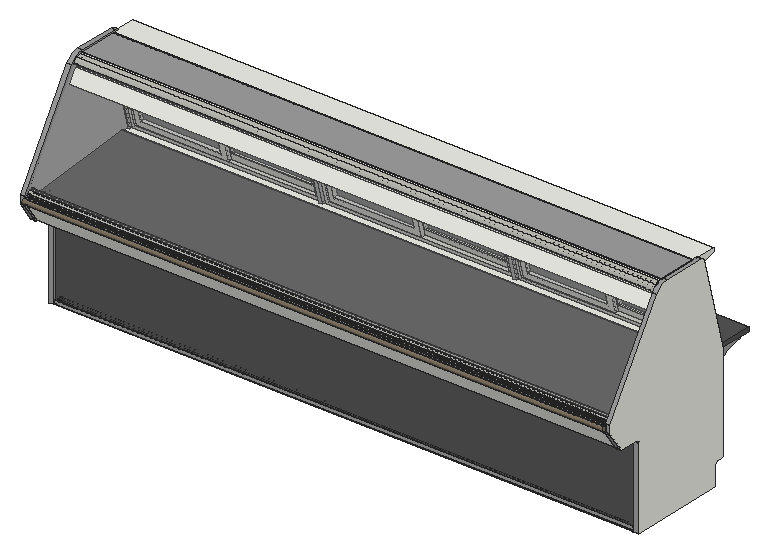
Revit family "R1-MN_2014", category Specialty Equipment, Revit 2014 (continued)
Automatic sketch dimensions
  Extrusion 11 sketch curve to Extrusion 11 sketch curve = 0.18969"
  Extrusion 11 sketch curve to plane 10 = 0.26416"
  Extrusion 11 sketch curve to Extrusion 11 sketch curve = 0.71529"
  Extrusion 11 sketch curve to Extrusion 11 sketch curve = 0.57607"
  Extrusion 11 sketch curve to Extrusion 11 sketch curve = 0.67535"
  Extrusion 11 sketch curve to Extrusion 11 sketch curve = 0.04022"
  Extrusion 11 sketch curve to plane 10 = 1.78707"
  Extrusion 11 sketch curve to Extrusion 11 sketch curve = 0.95494"
  Extrusion 11 sketch curve to Extrusion 11 sketch curve = 0.25007"
  Extrusion 11 sketch curve to Extrusion 11 sketch curve = 0.07964"
  Extrusion 11 sketch curve to Extrusion 11 sketch curve = 0.02055"
  Extrusion 11 sketch curve to Extrusion 11 sketch curve = 0.02705"
  Extrusion 11 sketch curve to Extrusion 11 sketch curve = 0.01949"
  Extrusion 11 sketch curve to Extrusion 11 sketch curve = 0.35525"
  Extrusion 11 sketch curve to Extrusion 11 sketch curve = 0"  (x3)
  Extrusion 11 sketch curve to Extrusion 11 sketch curve = 0.10689"
  Extrusion 11 sketch curve to Extrusion 11 sketch curve = 0.04721"
  Extrusion 11 sketch curve to Extrusion 11 sketch curve = 0.01501"
  Extrusion 11 sketch curve to Extrusion 11 sketch curve = 0.03552"
  Extrusion 11 sketch curve to Extrusion 11 sketch curve = 0.00651"
  Extrusion 11 sketch curve to Extrusion 11 sketch curve = 0.00201"
  Extrusion 11 sketch curve to Extrusion 11 sketch curve = 0.02918"
  Extrusion 11 sketch curve to Extrusion 11 sketch curve = 1.00154"
  Extrusion 11 sketch curve to Extrusion 11 sketch curve = 0.44712"
  Extrusion 11 sketch curve to Extrusion 11 sketch curve = 0.46731"
  Extrusion 11 sketch curve to plane 10 = 0.15722"
  Extrusion 11 sketch curve to plane 10 = 0.39364"
  Extrusion 12 sketch curve to Extrusion 12 sketch curve = 0"  (x4)
  plane 4 "Front" to Extrusion 12 sketch curve = 3.86266"
  Extrusion 12 sketch curve to Extrusion 12 sketch curve = 0.01762"  (x2)
  Extrusion 12 sketch curve to Extrusion 12 sketch curve = 0.00881"
  Extrusion 12 sketch curve to Extrusion 12 sketch curve = 0.00993"
  Extrusion 12 sketch curve to plane 9 = 2.64563"
  Extrusion 12 sketch curve to Extrusion 12 sketch curve = 0.01986"
  Extrusion 12 sketch curve to Extrusion 12 sketch curve = 0.32399"
  Extrusion 12 sketch curve to plane 9 = 2.89281"
  Extrusion 12 sketch curve to Extrusion 12 sketch curve = 0.09889"
  Extrusion 12 sketch curve to Extrusion 12 sketch curve = 0.02885"
  Extrusion 12 sketch curve to Extrusion 12 sketch curve = 0.00804"
  Extrusion 12 sketch curve to Extrusion 12 sketch curve = 0.01418"
  Extrusion 12 sketch curve to plane 9 = 0.42573"
  plane 1 "Back" to Extrusion 12 sketch curve = 4.65057"
  Extrusion 12 sketch curve to plane 9 = 0.46057"
  Extrusion 12 sketch curve to Extrusion 12 sketch curve = 0.00331"
  Extrusion 12 sketch curve to Extrusion 12 sketch curve = 0.00283"
  Extrusion 12 sketch curve to plane 9 = 0.48039"
  Extrusion 12 sketch curve to Extrusion 12 sketch curve = 0.02827"
  Extrusion 12 sketch curve to plane 9 = 0.46866"
  Extrusion 12 sketch curve to plane 9 = 0.69391"
  Extrusion 12 sketch curve to Extrusion 12 sketch curve = 0.07593"
  Extrusion 12 sketch curve to Extrusion 12 sketch curve = 0.00669"
  Extrusion 12 sketch curve to Extrusion 12 sketch curve = 0.03024"
  Extrusion 12 sketch curve to Extrusion 12 sketch curve = 0.0309"
  Extrusion 12 sketch curve to Extrusion 12 sketch curve = 0.02262"
  Extrusion 13 sketch curve to level = 0"
  plane 4 "Front" to Extrusion 13 sketch curve = 0.81814"
  Extrusion 13 sketch curve to Extrusion 13 sketch curve = 0.04483"
  Extrusion 13 sketch curve to Extrusion 13 sketch curve = 1/4"
  plane 4 "Front" to Extrusion 13 sketch curve = 4.15323"
  Extrusion 13 sketch curve to Extrusion 13 sketch curve = 0.41034"
  Extrusion 13 sketch curve to Extrusion 13 sketch curve = 4.46333"
  plane 4 "Front" to Extrusion 13 sketch curve = 9.72691"
  Extrusion 13 sketch curve to plane 10 = 1.59713"
  plane 4 "Front" to Extrusion 13 sketch curve = 15.36761"
  Extrusion 13 sketch curve to Extrusion 13 sketch curve = 3.37411"
  Extrusion 13 sketch curve to plane 10 = 0.44548"
  plane 1 "Back" to Extrusion 13 sketch curve = 6.22235"
  Extrusion 13 sketch curve to plane 10 = 0.26693"
  Extrusion 13 sketch curve to Extrusion 13 sketch curve = 0.67685"
  plane 1 "Back" to Extrusion 13 sketch curve = 1 127/128"
  Extrusion 13 sketch curve to Extrusion 13 sketch curve = 0.7"
  plane 1 "Back" to Extrusion 13 sketch curve = 0.30473"  (x2)
  Extrusion 13 sketch curve to plane 1 "Back" = 0.37212"
  Extrusion 13 sketch curve to Extrusion 13 sketch curve = 0.02315"
  level to Extrusion 13 sketch curve = 4.74571"
  Extrusion 13 sketch curve to plane 9 = 9.87957"
  Extrusion 13 sketch curve to Extrusion 13 sketch curve = 0.21431"
  Extrusion 13 sketch curve to plane 9 = 4.23932"
  Extrusion 13 sketch curve to Extrusion 13 sketch curve = 1.89855"
  Extrusion 13 sketch curve to plane 9 = 0.62918"
  Extrusion 14 sketch curve to level = 0"
  plane 4 "Front" to Extrusion 14 sketch curve = 0.81814"
  Extrusion 14 sketch curve to Extrusion 14 sketch curve = 0.04483"
  Extrusion 14 sketch curve to Extrusion 14 sketch curve = 1/4"
  plane 4 "Front" to Extrusion 14 sketch curve = 4.15323"
  Extrusion 14 sketch curve to Extrusion 14 sketch curve = 0.41034"
  Extrusion 14 sketch curve to Extrusion 14 sketch curve = 4.46333"
  plane 4 "Front" to Extrusion 14 sketch curve = 9.72691"
  Extrusion 14 sketch curve to plane 10 = 1.59713"
  plane 4 "Front" to Extrusion 14 sketch curve = 15.36761"
  Extrusion 14 sketch curve to Extrusion 14 sketch curve = 3.37411"
  Extrusion 14 sketch curve to plane 10 = 0.44548"
  plane 1 "Back" to Extrusion 14 sketch curve = 6.22235"
  Extrusion 14 sketch curve to plane 10 = 0.26693"
  Extrusion 14 sketch curve to Extrusion 14 sketch curve = 0.67685"
  plane 1 "Back" to Extrusion 14 sketch curve = 1 127/128"
  Extrusion 14 sketch curve to Extrusion 14 sketch curve = 0.7"
  plane 1 "Back" to Extrusion 14 sketch curve = 0.30473"  (x2)
  Extrusion 14 sketch curve to plane 1 "Back" = 0.37212"
  Extrusion 14 sketch curve to Extrusion 14 sketch curve = 0.02315"
  Extrusion 14 sketch curve to plane 9 = 0.45064"
  Extrusion 14 sketch curve to plane 9 = 2.19792"
  Extrusion 14 sketch curve to Extrusion 14 sketch curve = 1.89855"
  Extrusion 14 sketch curve to Extrusion 14 sketch curve = 4.5831"
  Extrusion 14 sketch curve to Extrusion 14 sketch curve = 0.28569"
  level to Extrusion 14 sketch curve = 6.14571"
  Extrusion 15 sketch curve to plane 10 = 0.017"  (x2)
  plane 1 "Back" to Extrusion 15 sketch curve = 17.12875"
  Extrusion 15 sketch curve to Extrusion 15 sketch curve = 0.093"
  plane 1 "Back" to Extrusion 15 sketch curve = 7.37559"
  Extrusion 15 sketch curve to Extrusion 15 sketch curve = 0.33174"
  Extrusion 16 sketch curve to Extrusion 16 sketch curve = 2.74488"
  Extrusion 17 sketch curve to Extrusion 17 sketch curve = 2.74488"
  Extrusion 18 sketch curve to Extrusion 18 sketch curve = 2.74488"
  Extrusion 19 sketch curve to Extrusion 19 sketch curve = 2.74488"
  Extrusion 19 sketch curve to Extrusion 19 sketch curve = 2.78752"
  Extrusion 19 sketch curve to Extrusion 19 sketch curve = 2.74469"
  Extrusion 19 sketch curve to Extrusion 19 sketch curve = 20.64718"
  Extrusion 18 sketch curve to Extrusion 18 sketch curve = 2.78752"
  Extrusion 18 sketch curve to Extrusion 18 sketch curve = 2.74469"
  Extrusion 18 sketch curve to Extrusion 18 sketch curve = 20.64718"
  Extrusion 17 sketch curve to Extrusion 17 sketch curve = 2.78752"
  Extrusion 17 sketch curve to Extrusion 17 sketch curve = 2.74469"
  Extrusion 17 sketch curve to Extrusion 17 sketch curve = 20.64718"
  Extrusion 16 sketch curve to Extrusion 16 sketch curve = 2.78752"
  Extrusion 16 sketch curve to Extrusion 16 sketch curve = 2.74469"
  Extrusion 16 sketch curve to Extrusion 16 sketch curve = 20.64718"
  Extrusion 20 sketch curve to Extrusion 20 sketch curve = 2.74488"
  Extrusion 20 sketch curve to Extrusion 20 sketch curve = 2.78752"
  Extrusion 20 sketch curve to Extrusion 20 sketch curve = 2.74469"
  Extrusion 20 sketch curve to Extrusion 20 sketch curve = 20.64718"
  Extrusion 21 sketch curve to Extrusion 21 sketch curve = 2.74488"
  Extrusion 21 sketch curve to Extrusion 21 sketch curve = 2.78752"
  Extrusion 21 sketch curve to Extrusion 21 sketch curve = 2.74469"
  Extrusion 21 sketch curve to Extrusion 21 sketch curve = 20.64718"
  Extrusion 22 sketch curve to Extrusion 22 sketch curve = 2.74488"
  Extrusion 22 sketch curve to Extrusion 22 sketch curve = 2.78752"
  Extrusion 22 sketch curve to Extrusion 22 sketch curve = 2.74469"
  Extrusion 22 sketch curve to Extrusion 22 sketch curve = 20.64718"
  Extrusion 23 sketch curve to Extrusion 23 sketch curve = 2.74488"
  Extrusion 23 sketch curve to Extrusion 23 sketch curve = 2.78752"
  Extrusion 23 sketch curve to Extrusion 23 sketch curve = 2.74469"
  Extrusion 23 sketch curve to Extrusion 23 sketch curve = 20.64718"
  Extrusion 24 sketch curve to Extrusion 24 sketch curve = 2.74488"
  Extrusion 24 sketch curve to Extrusion 24 sketch curve = 2.78752"
  Extrusion 24 sketch curve to Extrusion 24 sketch curve = 2.74469"
  Extrusion 24 sketch curve to Extrusion 24 sketch curve = 20.64718"
  Extrusion 25 sketch curve to Extrusion 25 sketch curve = 2.74488"
  Extrusion 25 sketch curve to Extrusion 25 sketch curve = 2.78752"
  Extrusion 25 sketch curve to Extrusion 25 sketch curve = 2.74469"
  Extrusion 25 sketch curve to Extrusion 25 sketch curve = 20.64718"
  Extrusion 26 sketch curve to Extrusion 26 sketch curve = 2.74488"
  Extrusion 26 sketch curve to Extrusion 26 sketch curve = 2.78752"
  Extrusion 26 sketch curve to Extrusion 26 sketch curve = 2.74469"
  Extrusion 26 sketch curve to Extrusion 26 sketch curve = 20.64718"
  Extrusion 27 sketch curve to Extrusion 27 sketch curve = 2.74488"
  Extrusion 27 sketch curve to Extrusion 27 sketch curve = 2.78752"
  Extrusion 27 sketch curve to Extrusion 27 sketch curve = 2.74469"
  Extrusion 27 sketch curve to Extrusion 27 sketch curve = 20.64718"
  Extrusion 28 sketch curve to Extrusion 28 sketch curve = 2.74488"
  Extrusion 28 sketch curve to Extrusion 28 sketch curve = 2.78752"
  Extrusion 28 sketch curve to Extrusion 28 sketch curve = 2.74469"
  Extrusion 28 sketch curve to Extrusion 28 sketch curve = 20.64718"
  Extrusion 29 sketch curve to Extrusion 29 sketch curve = 2.74488"
  Extrusion 29 sketch curve to Extrusion 29 sketch curve = 2.78752"
  Extrusion 29 sketch curve to Extrusion 29 sketch curve = 2.74469"
  Extrusion 29 sketch curve to Extrusion 29 sketch curve = 20.64718"
  Extrusion 30 sketch curve to Extrusion 30 sketch curve = 2.74488"
  Extrusion 30 sketch curve to Extrusion 30 sketch curve = 2.78752"
  Extrusion 30 sketch curve to Extrusion 30 sketch curve = 2.74469"
  Extrusion 30 sketch curve to Extrusion 30 sketch curve = 20.64718"
  Extrusion 31 sketch curve to Extrusion 31 sketch curve = 2.74488"
  Extrusion 31 sketch curve to Extrusion 31 sketch curve = 2.78752"
  Extrusion 31 sketch curve to Extrusion 31 sketch curve = 2.74469"
  Extrusion 31 sketch curve to Extrusion 31 sketch curve = 20.64718"
  Extrusion 1 sketch curve to Extrusion 1 sketch curve = 0"
  Extrusion 2 sketch curve to Extrusion 2 sketch curve = 0"
  Extrusion 3 sketch curve to Extrusion 3 sketch curve = 0"  (x3)
Nested families (in)
  nested 1: "Floor Support - Three Holes" at (-75.30699, -13.45706, 0.816), type "Floor Support - Three Holes"
    with Length 22 1/4"
  nested 2: "Floor Support - Three Holes" at (64.69301, -13.45706, 0.816), type "Floor Support - Three Holes"
    with Length 22 1/4"
  nested 3: "Shelf - Service Door" at (-77.30699, -0.27239, 30), type "Shelf - Service Door"
  nested 4: "Light" at (-5.30699, 1.00439, -5.29688), type "Light"
    with Length 144"
  nested 5: "Light" at (-5.30699, -10.56242, -4.48067), type "Light"
    with Length 144"
  nested 6: "Floor Support - Three Holes" at (-28.64032, -13.45706, 0.816), type "Floor Support - Three Holes"
    with Length 22 1/4"
  nested 7: "Floor Support - Three Holes" at (18.02635, -13.45706, 0.816), type "Floor Support - Three Holes"
    with Length 22 1/4"
  nested 8: "Service Doors - 105deg - 48" at (-77.30699, -25.04319, 4.28953), visible <- "12 Case", type "Service Doors - 105deg - 48"
  nested 9: "Service Doors - 105deg - 48" at (-29.30699, -25.04319, 4.28953), visible <- "12 Case", type "Service Doors - 105deg - 48"
  nested 10: "Service Doors - 105deg - 48" at (18.69301, -25.04319, 4.28953), visible <- "12 Case", type "Service Doors - 105deg - 48"
  nested 11: "Service Doors - 105deg - 48" at (-77.30699, -25.04319, 4.28953), visible <- "4 Case", type "Service Doors - 105deg - 48"
  nested 12: "Service Doors - 105deg - 48" at (-77.30699, -25.04319, 4.28953), visible <- "8 Case", type "Service Doors - 105deg - 48"
  nested 13: "Service Doors - 105deg - 48" at (-29.30699, -25.04319, 4.28953), visible <- "8 Case", type "Service Doors - 105deg - 48"
  nested 14: "Service Doors - 105deg - 60" at (-77.30699, -25.04319, 4.28953), visible <- "5 Case", type "Service Doors - 105deg - 60"
  nested 15: "Service Doors - 105deg - 60" at (-77.30699, -25.04319, 4.28953), visible <- "10 Case", type "Service Doors - 105deg - 60"
  nested 16: "Service Doors - 105deg - 60" at (-17.30699, -25.04319, 4.28953), visible <- "10 Case", type "Service Doors - 105deg - 60"
  nested 17: "Service Doors - 105deg - 72" at (-77.30699, -25.04319, 4.28953), visible <- "6 Case", type "Service Doors - 105deg - 72"
  nested 18: "Service Doors - 105deg - 48" at (-77.30699, -25.04319, 4.28953), visible <- "12 Case", type "Service Doors - 105deg - 48", not visible
  nested 19: "Service Doors - 105deg - 48" at (-29.30699, -25.04319, 4.28953), visible <- "12 Case", type "Service Doors - 105deg - 48", not visible
  nested 20: "Service Doors - 105deg - 48" at (18.69301, -25.04319, 4.28953), visible <- "12 Case", type "Service Doors - 105deg - 48", not visible
  nested 21: "Service Doors - 105deg - 48" at (-77.30699, -25.04319, 4.28953), visible <- "4 Case", type "Service Doors - 105deg - 48", not visible
  nested 22: "Service Doors - 105deg - 48" at (-77.30699, -25.04319, 4.28953), visible <- "8 Case", type "Service Doors - 105deg - 48", not visible
  nested 23: "Service Doors - 105deg - 48" at (-29.30699, -25.04319, 4.28953), visible <- "8 Case", type "Service Doors - 105deg - 48", not visible
  nested 24: "Service Doors - 105deg - 60" at (-77.30699, -25.04319, 4.28953), visible <- "5 Case", type "Service Doors - 105deg - 60", not visible
  nested 25: "Service Doors - 105deg - 60" at (-77.30699, -25.04319, 4.28953), visible <- "10 Case", type "Service Doors - 105deg - 60", not visible
  nested 26: "Service Doors - 105deg - 60" at (-17.30699, -25.04319, 4.28953), visible <- "10 Case", type "Service Doors - 105deg - 60", not visible
  nested 27: "Service Doors - 105deg - 72" at (-77.30699, -25.04319, 4.28953), visible <- "6 Case", type "Service Doors - 105deg - 72", not visible
Connectors (in)
  piping at (64.38051, -22.375, 0), diameter 0.625, driven by "Refrig. Suction", driven by "Refrigeration Lines Suction"
    settings: on Extrusion 1, index 9, connector inside diameter 7/8", connector length 0", flow factor 0, pipe flow 0 GPM, pressure drop 0.00 psi, fitting loss kfactor 0, connector angle 0.00°, fixture units 0, engagement length 0", angle of deflection 0.00°, flow configuration 0, flow direction 2, fitting loss method 0, system type 22, joint type 0, gender type 0, connector reference index -1, connector utility 0, adjustable connector no, is connector primary yes, connector description "Suction"
  piping at (64.88051, -22.375, 0), diameter 0.375, driven by "Refrig. Liquid", driven by "Refrigeration Lines Liquid"
    settings: on Extrusion 2, index 10, connector inside diameter 3/8", connector length 0", flow factor 0, pipe flow 0 GPM, pressure drop 0.00 psi, fitting loss kfactor 0, connector angle 0.00°, fixture units 0, engagement length 0", angle of deflection 0.00°, flow configuration 0, flow direction 1, fitting loss method 0, system type 22, joint type 0, gender type 0, connector reference index -1, connector utility 0, adjustable connector no, is connector primary no, connector description "Liquid"
  piping at (0.69301, -17, 4.93193), diameter 1.5, driven by "Waste Drain"
    settings: on Extrusion 3, index 11, connector inside diameter 1 1/4", connector length 0", flow factor 0, pipe flow 0 GPM, pressure drop 0.00 psi, fitting loss kfactor 0, connector angle 0.00°, fixture units 0, engagement length 0", angle of deflection 0.00°, flow configuration 0, flow direction 0, fitting loss method 0, system type 16, joint type 0, gender type 0, connector reference index -1, connector utility 0, adjustable connector no, is connector primary no, connector description ""
Definition of nested family "Floor Support - Three Holes"
  Parameters (values of type "Floor Support - Three Holes")
    Width = 4"
    Material = none
    Length = 22 3/8"
    Height = 5 3/4"
  Reference planes (in)
    plane 1 "Center (Front/Back)": y = 0
    plane 2: z = 0
    plane 3 "Center (Left/Right)": x = 0
    plane 4: x = 2
    plane 5: x = -2
    plane 6: y = 11.1875
    plane 7: y = -11.1875
    plane 8: z = 5.75
    plane 9: z = 2.875
    plane 10: y = -5.59375
    plane 11: y = 5.59375
  Forms (in)
    Extrusion 1, solid, material <- "Material"
      sketch origin (0, 0, 0) x (1, 0, 0) y (0, 1, 0)
        loop
          line (-2, 11.1875) -> (-2, -11.1875) -> (2, -11.1875) -> (2, 11.1875) -> (-2, 11.1875)
      from 0 to 5.75
    Extrusion 2, void
      sketch origin (-2, -11.1875, 0) x (0, -1, 0) y (0, 0, -1)
        loop
          arc (-3.71875, -2.875) -> (-4.26792, -1.54917) -> (-5.59375, -1) r 1.875
          arc (-5.59375, -1) -> (-6.91958, -1.54917) -> (-7.46875, -2.875) r 1.875
          arc (-7.46875, -2.875) -> (-6.91958, -4.20083) -> (-5.59375, -4.75) r 1.875
          arc (-5.59375, -4.75) -> (-4.26792, -4.20083) -> (-3.71875, -2.875) r 1.875
      from 0 to 4
    Extrusion 3, void
      sketch origin (-2, -11.1875, 0) x (0, -1, 0) y (0, 0, -1)
        loop
          arc (-9.3125, -2.875) -> (-9.86167, -1.54917) -> (-11.1875, -1) r 1.875
          arc (-11.1875, -1) -> (-12.51333, -1.54917) -> (-13.0625, -2.875) r 1.875
          arc (-13.0625, -2.875) -> (-12.51333, -4.20083) -> (-11.1875, -4.75) r 1.875
          arc (-11.1875, -4.75) -> (-9.86167, -4.20083) -> (-9.3125, -2.875) r 1.875
      from 0 to 4
    Extrusion 4, void
      sketch origin (-2, -11.1875, 0) x (0, -1, 0) y (0, 0, -1)
        loop
          arc (-14.90625, -2.875) -> (-15.45542, -1.54917) -> (-16.78125, -1) r 1.875
          arc (-16.78125, -1) -> (-18.10708, -1.54917) -> (-18.65625, -2.875) r 1.875
          arc (-18.65625, -2.875) -> (-18.10708, -4.20083) -> (-16.78125, -4.75) r 1.875
          arc (-16.78125, -4.75) -> (-15.45542, -4.20083) -> (-14.90625, -2.875) r 1.875
      from 0 to 4
  Cuts and joins
    Extrusion 2, Extrusion 3, Extrusion 4 cuts Extrusion 1
  Dimensions and locks (in)
    equal spacing: plane 5, plane 3 "Center (Left/Right)", plane 4
    "Width": plane 5 to plane 4
    equal spacing: plane 6, plane 1 "Center (Front/Back)", plane 7
    "Length": plane 6 to plane 7
    "Height": plane 8 to level
    equal spacing: plane 6, plane 11, plane 1 "Center (Front/Back)", plane 10, plane 7
    equal spacing: plane 8, plane 9, level
    aligned and locked: plane 2 to level
    aligned and locked: Extrusion 1 to plane 4
    aligned and locked: plane 5 to Extrusion 1
    aligned and locked: Extrusion 1 to plane 7
    aligned and locked: plane 6 to Extrusion 1
    aligned and locked: plane 8 to Extrusion 1
    aligned and locked: plane 9 to Extrusion 2 sketch curve  (x2)
    aligned and locked: plane 10 to Extrusion 2 sketch curve  (x2)
    aligned and locked: plane 11 to Extrusion 4 sketch curve  (x2)
    aligned and locked: plane 9 to Extrusion 4 sketch curve  (x2)
    aligned and locked: plane 1 "Center (Front/Back)" to Extrusion 3 sketch curve  (x2)
    aligned and locked: plane 9 to Extrusion 3 sketch curve  (x2)
    aligned and locked: Extrusion 1 to Extrusion 4
    aligned and locked: Extrusion 1 to Extrusion 3
    aligned and locked: Extrusion 1 to Extrusion 2
  Automatic sketch dimensions
    Extrusion 1 sketch curve to plane 5 = 0"
    Extrusion 1 sketch curve to plane 4 = 0"
    Extrusion 1 sketch curve to plane 7 = 0"
    Extrusion 1 sketch curve to plane 6 = 0"
    Extrusion 4 sketch curve to Extrusion 4 sketch curve = 1 7/8"
    Extrusion 3 sketch curve to Extrusion 3 sketch curve = 1 7/8"
    Extrusion 2 sketch curve to Extrusion 2 sketch curve = 1 7/8"
Definition of nested family "Shelf - Service Door"
  Parameters (values of type "Shelf - Service Door")
    Width = 144"
    Shelf = none
    Number of Bracket Supports = if(Width < 50", 2, if(Width < 100", 3, 4))  # 4
    Bracket = none
  Reference planes (in)
    plane 1 "Center (Front/Back)": y = 0
    plane 2: z = 0
    plane 3 "Center (Left/Right)": x = 0
  Forms (in)
    Extrusion 1, solid, material <- "Shelf"
      sketch origin (0, 0.5, -3.75) x (0, 1, 0) y (0, 0, 1)
        loop
          line (0, 3.75) -> (0, 2.75) -> (9.5, 2.75) -> (9.5, 3.75) -> (0, 3.75)
      from 0 to 144
  Dimensions and locks (in)
    "Width": plane 3 "Center (Left/Right)" to Extrusion 1
    equal spacing: group 1, group 3, group 4, group 2  (x2)
    equal spacing: group 2, group 4, group 3, group 1
    locked: plane 1 "Center (Front/Back)" to Extrusion 1 at 0.5
    aligned and locked: plane 2 to level
    aligned and locked: nested 1 to plane 3 "Center (Left/Right)"
    aligned and locked: nested 2 to Extrusion 1  (x2)
    aligned and locked: level to Extrusion 1
  Automatic sketch dimensions
    Extrusion 1 sketch curve to plane 1 "Center (Front/Back)" = 1/2"
    Extrusion 1 sketch curve to Extrusion 1 sketch curve = 9 1/2"
    Extrusion 1 sketch curve to level = 1"
    Extrusion 1 sketch curve to Extrusion 1 sketch curve = 1"
  Nested families (in)
    nested 1: "Shelf Braket" at (0.125, 0, -6.25), type "Shelf Braket"
    nested 2: "Shelf Braket" at (143.875, 0, -6.25), type "Shelf Braket"
    nested 3: "Shelf Braket" at (48.04167, 0, -6.25), type "Shelf Braket"
    nested 4: "Shelf Braket" at (95.95833, 0, -6.25), type "Shelf Braket"
  Definition of nested family "Shelf Braket"
    Parameters (values of type "Shelf Braket")
      Bracket = none
    Reference planes (in)
      plane 1 "Center (Front/Back)": y = 0
      plane 2: z = 0
      plane 3 "Center (Left/Right)": x = 0
    Forms (in)
      Extrusion 1, solid, material <- "Bracket"
        sketch origin (0, 0, 0) x (0, 1, 0) y (0, 0, 1)
          loop
            line (0, 0) -> (0.17778, 0)
            arc (0.17778, 0) -> (0.32473, 0.04775) -> (0.41555, 0.17275) r 0.25
            line (0.41555, 0.17275) -> (1.31784, 2.94972)
            arc (1.31784, 2.94972) -> (1.49947, 3.19972) -> (1.79337, 3.29521) r 0.5
            line (1.79337, 3.29521) -> (2.40794, 3.29521)
            arc (2.40794, 3.29521) -> (2.59929, 3.33327) -> (2.7615, 3.44165) r 0.5
            line (2.7615, 3.44165) -> (2.99039, 3.67054)
            arc (2.99039, 3.67054) -> (2.94458, 3.6834) -> (2.96531, 3.72623) r 0.03102
            line (2.96531, 3.72623) -> (7.12163, 4.76862)
            arc (7.12163, 4.76862) -> (7.39311, 4.94463) -> (7.49999, 5.25) r 0.5
            line (7.49999, 5.25) -> (0, 5.25) -> (0, 0)
        from -0.125 to 0.125
    Dimensions and locks (in)
      aligned and locked: plane 2 to level
Definition of nested family "Service Doors - 105deg - 48"
  Parameters (values of type "Service Doors - 105deg - 48")
    Glazing = none
    Door Frame = none
  Reference planes (in)
    plane 1 "Center (Front/Back)": y = 25.29918
    plane 2: z = 0
    plane 3 "Center (Left/Right)": x = 0
  Forms (in)
    Sweep 1, solid, material <- "Door Frame"
      path in 3D
        loop
          line (48, 19.53256, 46.24921) -> (0, 19.53256, 46.24921) -> (0, 25.29918, 24.72713) -> (48, 25.29918, 24.72713) -> (48, 19.53256, 46.24921)
      profile origin (24, 19.53256, 46.24921) x (0, -0.999433, -0.03367) y (0, -0.03367, 0.999433)
        loop
          line (0.22758, -0.05283) -> (0, 0) -> (-0.33921, -1.46114) -> (1.8514, -1.9697) -> (2.08074, -0.98179) -> (0.13366, -0.52977) -> (0.22758, -0.05283)
    Extrusion 2, solid, material <- "Door Frame"
      sketch origin (1.5, 17.74853, 44.21829) x (0, 0.258811, -0.965928) y (0, 0.965928, 0.258811)
        loop
          line (0, 0.25) -> (19.28125, 0.25) -> (19.28125, 1.0625) -> (0, 1.0625) -> (0, 0.25)
      from 0 to 23
    Extrusion 3, solid, material <- "Door Frame"
      sketch origin (46.5, 22.73872, 25.59399) x (0, -0.258811, 0.965928) y (0, 0.965928, 0.258811)
        loop
          line (19.28125, 1.875) -> (0, 1.875) -> (0, 1.0625) -> (19.28125, 1.0625) -> (19.28125, 1.875)
      from 0 to 23
    Extrusion 4, void
      sketch origin (46.5, 18.18472, 49.83503) x (0, -0.258811, 0.965928) y (-1, 0, 0)
        loop
          line (-23.09373, 21.5) -> (-23.09373, 1.5) -> (-6.81248, 1.5) -> (-6.81248, 21.5) -> (-23.09373, 21.5)
      from 0 to 0.8125
    Extrusion 5, void
      sketch origin (1.5, 17.85693, 44.77966) x (0, -0.258811, 0.965928) y (1, 0, 0)
        loop
          line (-2.01418, 21.5) -> (-18.29543, 21.5) -> (-18.29543, 1.5) -> (-2.01418, 1.5) -> (-2.01418, 21.5)
      from 0 to 0.8125
    Extrusion 6, solid, material <- "Glazing"
      sketch origin (25, 24.54983, 26.07926) x (0, -0.258811, 0.965928) y (0, -0.965928, -0.258811)
        loop
          line (1.5, 0.1875) -> (19.28125, 0.1875) -> (19.28125, 0.625) -> (1.5, 0.625) -> (1.5, 0.1875)
      from 0 to 20
    Extrusion 7, solid, material <- "Glazing"
      sketch origin (23, 17.99001, 44.28299) x (0, 0.258811, -0.965928) y (0, -0.965928, -0.258811)
        loop
          line (1.5, -0.625) -> (19.28125, -0.625) -> (19.28125, -0.1875) -> (1.5, -0.1875) -> (1.5, -0.625)
      from 0 to 20
  Cuts and joins
    Extrusion 4 cuts Extrusion 3
    Extrusion 5 cuts Extrusion 2
  Lines and regions (in)
    sketch lines
      curve 1: line (48, 25.29918, 24.72713) -> (48, 19.53256, 46.24921)
      curve 2: line (0, 19.53256, 46.24921) -> (0, 25.29918, 24.72713)
      curve 3: line (48, 19.53256, 46.24921) -> (0, 19.53256, 46.24921)
      curve 4: line (48, 25.29918, 24.72713) -> (0, 25.29918, 24.72713)
    model lines
      curve 5: line (0, 25.29918, 24.72713) -> (0, 20.31708, 43.32124)
      curve 6: line (0, 25.29918, 24.72713) -> (0, 19.53256, 46.24921)
  Dimensions and locks (in)
    Extrusion 2 to Extrusion 3 = 45"
    plane 3 "Center (Left/Right)" to Sweep 1 = 48"
    Sweep 1 to Sweep 1 = 1 1/2"
    locked: cut or joined group of Extrusion 3, Extrusion 4 to Extrusion 4 sketch curve at 1.5
    locked: Extrusion 5 sketch curve to cut or joined group of Extrusion 2, Extrusion 5 at 1.5
    Sweep 1 to Sweep 1 = 22 9/32"
    locked: cut or joined group of Extrusion 2, Extrusion 5 to Extrusion 5 sketch curve at 1.5  (x2)
    locked: Sweep 1 to Extrusion 5 sketch curve at 1.5
    locked: Extrusion 4 sketch curve to Sweep 1 at 1.5  (x3)
    Sweep 1 to Sweep 1 = 45"
    aligned and locked: plane 2 to level
    aligned and locked: Extrusion 3 to Sweep 1  (x3)
    aligned and locked: Extrusion 2 to Sweep 1
    aligned and locked: Extrusion 6 to cut or joined group of Extrusion 3, Extrusion 4
    aligned and locked: cut or joined group of Extrusion 3, Extrusion 4 to Extrusion 6
    aligned and locked: cut or joined group of Extrusion 2, Extrusion 5 to Extrusion 7
    aligned and locked: plane 1 "Center (Front/Back)" to Sweep 1
    aligned and locked: Sweep 1 to Extrusion 2 sketch curve  (x2)
    aligned and locked: cut or joined group of Extrusion 2, Extrusion 5 to Extrusion 7 sketch curve
    aligned and locked: Extrusion 7 sketch curve to Sweep 1
    aligned and locked: Sweep 1 to Extrusion 3 sketch curve  (x2)
    aligned and locked: Extrusion 6 sketch curve to Sweep 1
    aligned and locked: Extrusion 6 sketch curve to cut or joined group of Extrusion 3, Extrusion 4
Definition of nested family "Service Doors - 105deg - 60"
  Parameters (values of type "Service Doors - 105deg - 60")
    Glazing = none
    Door Frame = none
  Reference planes (in)
    plane 1 "Center (Front/Back)": y = 25.29918
    plane 2: z = 0
    plane 3 "Center (Left/Right)": x = 0
  Forms (in)
    Sweep 1, solid, material <- "Door Frame"
      path in 3D
        loop
          line (60, 19.53256, 46.24921) -> (0, 19.53256, 46.24921) -> (0, 25.29918, 24.72713) -> (60, 25.29918, 24.72713) -> (60, 19.53256, 46.24921)
      profile origin (30, 19.53256, 46.24921) x (0, -0.999433, -0.03367) y (0, -0.03367, 0.999433)
        loop
          line (0.22758, -0.05283) -> (0, 0) -> (-0.33921, -1.46114) -> (1.8514, -1.9697) -> (2.08074, -0.98179) -> (0.13366, -0.52977) -> (0.22758, -0.05283)
    Extrusion 2, solid, material <- "Door Frame"
      sketch origin (1.5, 17.74853, 44.21829) x (0, 0.258811, -0.965928) y (0, 0.965928, 0.258811)
        loop
          line (0, 0.25) -> (19.28125, 0.25) -> (19.28125, 1.0625) -> (0, 1.0625) -> (0, 0.25)
      from 0 to 29
    Extrusion 3, solid, material <- "Door Frame"
      sketch origin (58.5, 22.73872, 25.59399) x (0, -0.258811, 0.965928) y (0, 0.965928, 0.258811)
        loop
          line (19.28125, 1.875) -> (0, 1.875) -> (0, 1.0625) -> (19.28125, 1.0625) -> (19.28125, 1.875)
      from 0 to 29
    Extrusion 4, void
      sketch origin (58.5, 18.18472, 49.83503) x (0, -0.258811, 0.965928) y (-1, 0, 0)
        loop
          line (-23.09373, 27.5) -> (-23.09373, 1.5) -> (-6.81248, 1.5) -> (-6.81248, 27.5) -> (-23.09373, 27.5)
      from 0 to 0.8125
    Extrusion 5, void
      sketch origin (1.5, 17.85693, 44.77966) x (0, -0.258811, 0.965928) y (1, 0, 0)
        loop
          line (-2.01418, 27.5) -> (-18.29543, 27.5) -> (-18.29543, 1.5) -> (-2.01418, 1.5) -> (-2.01418, 27.5)
      from 0 to 0.8125
    Extrusion 6, solid, material <- "Glazing"
      sketch origin (31, 24.54983, 26.07926) x (0, -0.258811, 0.965928) y (0, -0.965928, -0.258811)
        loop
          line (1.5, 0.1875) -> (19.28125, 0.1875) -> (19.28125, 0.625) -> (1.5, 0.625) -> (1.5, 0.1875)
      from 0 to 26
    Extrusion 7, solid, material <- "Glazing"
      sketch origin (29, 17.99001, 44.28299) x (0, 0.258811, -0.965928) y (0, -0.965928, -0.258811)
        loop
          line (1.5, -0.625) -> (19.28125, -0.625) -> (19.28125, -0.1875) -> (1.5, -0.1875) -> (1.5, -0.625)
      from 0 to 26
  Cuts and joins
    Extrusion 4 cuts Extrusion 3
    Extrusion 5 cuts Extrusion 2
  Lines and regions (in)
    sketch lines
      curve 1: line (60, 25.29918, 24.72713) -> (60, 19.53256, 46.24921)
      curve 2: line (0, 19.53256, 46.24921) -> (0, 25.29918, 24.72713)
      curve 3: line (60, 19.53256, 46.24921) -> (0, 19.53256, 46.24921)
      curve 4: line (60, 25.29918, 24.72713) -> (0, 25.29918, 24.72713)
    model lines
      curve 5: line (0, 25.29918, 24.72713) -> (0, 20.31708, 43.32124)
      curve 6: line (0, 25.29918, 24.72713) -> (0, 19.53256, 46.24921)
  Dimensions and locks (in)
    Extrusion 2 to Extrusion 3 = 57"
    plane 3 "Center (Left/Right)" to Sweep 1 = 60"
    Sweep 1 to Sweep 1 = 1 1/2"
    locked: cut or joined group of Extrusion 3, Extrusion 4 to Extrusion 4 sketch curve at 1.5
    locked: Extrusion 5 sketch curve to cut or joined group of Extrusion 2, Extrusion 5 at 1.5
    Sweep 1 to Sweep 1 = 22 9/32"
    locked: cut or joined group of Extrusion 2, Extrusion 5 to Extrusion 5 sketch curve at 1.5  (x2)
    locked: Sweep 1 to Extrusion 5 sketch curve at 1.5
    locked: Extrusion 4 sketch curve to Sweep 1 at 1.5  (x3)
    Sweep 1 to Sweep 1 = 57"
    aligned and locked: plane 2 to level
    aligned and locked: Extrusion 3 to Sweep 1  (x3)
    aligned and locked: Extrusion 2 to Sweep 1
    aligned and locked: Extrusion 6 to cut or joined group of Extrusion 3, Extrusion 4
    aligned and locked: cut or joined group of Extrusion 3, Extrusion 4 to Extrusion 6
    aligned and locked: cut or joined group of Extrusion 2, Extrusion 5 to Extrusion 7
    aligned and locked: plane 1 "Center (Front/Back)" to Sweep 1
    aligned and locked: Sweep 1 to Extrusion 2 sketch curve  (x2)
    aligned and locked: cut or joined group of Extrusion 2, Extrusion 5 to Extrusion 7 sketch curve
    aligned and locked: Extrusion 7 sketch curve to Sweep 1
    aligned and locked: Sweep 1 to Extrusion 3 sketch curve  (x2)
    aligned and locked: Extrusion 6 sketch curve to Sweep 1
    aligned and locked: Extrusion 6 sketch curve to cut or joined group of Extrusion 3, Extrusion 4
Definition of nested family "Service Doors - 105deg - 72"
  Parameters (values of type "Service Doors - 105deg - 72")
    Glazing = none
    Door Frame = none
  Reference planes (in)
    plane 1 "Center (Front/Back)": y = 25.29918
    plane 2: z = 0
    plane 3 "Center (Left/Right)": x = 0
  Forms (in)
    Sweep 1, solid, material <- "Door Frame"
      path in 3D
        loop
          line (72, 19.53256, 46.24921) -> (0, 19.53256, 46.24921) -> (0, 25.29918, 24.72713) -> (72, 25.29918, 24.72713) -> (72, 19.53256, 46.24921)
      profile origin (36, 19.53256, 46.24921) x (0, -0.999433, -0.03367) y (0, -0.03367, 0.999433)
        loop
          line (0.22758, -0.05283) -> (0, 0) -> (-0.33921, -1.46114) -> (1.8514, -1.9697) -> (2.08074, -0.98179) -> (0.13366, -0.52977) -> (0.22758, -0.05283)
    Extrusion 2, solid, material <- "Door Frame"
      sketch origin (1.5, 17.74853, 44.21829) x (0, 0.258811, -0.965928) y (0, 0.965928, 0.258811)
        loop
          line (0, 0.25) -> (19.28125, 0.25) -> (19.28125, 1.0625) -> (0, 1.0625) -> (0, 0.25)
      from 0 to 35
    Extrusion 3, solid, material <- "Door Frame"
      sketch origin (70.5, 22.73872, 25.59399) x (0, -0.258811, 0.965928) y (0, 0.965928, 0.258811)
        loop
          line (19.28125, 1.875) -> (0, 1.875) -> (0, 1.0625) -> (19.28125, 1.0625) -> (19.28125, 1.875)
      from 0 to 35
    Extrusion 4, void
      sketch origin (70.5, 18.18472, 49.83503) x (0, -0.258811, 0.965928) y (-1, 0, 0)
        loop
          line (-23.09373, 33.5) -> (-23.09373, 1.5) -> (-6.81248, 1.5) -> (-6.81248, 33.5) -> (-23.09373, 33.5)
      from 0 to 0.8125
    Extrusion 5, void
      sketch origin (1.5, 17.85693, 44.77966) x (0, -0.258811, 0.965928) y (1, 0, 0)
        loop
          line (-2.01418, 33.5) -> (-18.29543, 33.5) -> (-18.29543, 1.5) -> (-2.01418, 1.5) -> (-2.01418, 33.5)
      from 0 to 0.8125
    Extrusion 6, solid, material <- "Glazing"
      sketch origin (37, 24.54983, 26.07926) x (0, -0.258811, 0.965928) y (0, -0.965928, -0.258811)
        loop
          line (1.5, 0.1875) -> (19.28125, 0.1875) -> (19.28125, 0.625) -> (1.5, 0.625) -> (1.5, 0.1875)
      from 0 to 32
    Extrusion 7, solid, material <- "Glazing"
      sketch origin (35, 17.99001, 44.28299) x (0, 0.258811, -0.965928) y (0, -0.965928, -0.258811)
        loop
          line (1.5, -0.625) -> (19.28125, -0.625) -> (19.28125, -0.1875) -> (1.5, -0.1875) -> (1.5, -0.625)
      from 0 to 32
  Cuts and joins
    Extrusion 4 cuts Extrusion 3
    Extrusion 5 cuts Extrusion 2
  Lines and regions (in)
    sketch lines
      curve 1: line (72, 25.29918, 24.72713) -> (72, 19.53256, 46.24921)
      curve 2: line (0, 19.53256, 46.24921) -> (0, 25.29918, 24.72713)
      curve 3: line (72, 19.53256, 46.24921) -> (0, 19.53256, 46.24921)
      curve 4: line (72, 25.29918, 24.72713) -> (0, 25.29918, 24.72713)
    model lines
      curve 5: line (0, 25.29918, 24.72713) -> (0, 20.31708, 43.32124)
      curve 6: line (0, 25.29918, 24.72713) -> (0, 19.53256, 46.24921)
  Dimensions and locks (in)
    Extrusion 2 to Extrusion 3 = 69"
    plane 3 "Center (Left/Right)" to Sweep 1 = 72"
    Sweep 1 to Sweep 1 = 1 1/2"
    locked: cut or joined group of Extrusion 3, Extrusion 4 to Extrusion 4 sketch curve at 1.5
    locked: Extrusion 5 sketch curve to cut or joined group of Extrusion 2, Extrusion 5 at 1.5
    Sweep 1 to Sweep 1 = 22 9/32"
    locked: cut or joined group of Extrusion 2, Extrusion 5 to Extrusion 5 sketch curve at 1.5  (x2)
    locked: Sweep 1 to Extrusion 5 sketch curve at 1.5
    locked: Extrusion 4 sketch curve to Sweep 1 at 1.5  (x3)
    aligned and locked: plane 2 to level
    aligned and locked: Extrusion 3 to Sweep 1  (x3)
    aligned and locked: Extrusion 2 to Sweep 1
    aligned and locked: Extrusion 6 to cut or joined group of Extrusion 3, Extrusion 4
    aligned and locked: cut or joined group of Extrusion 3, Extrusion 4 to Extrusion 6
    aligned and locked: cut or joined group of Extrusion 2, Extrusion 5 to Extrusion 7
    aligned and locked: plane 1 "Center (Front/Back)" to Sweep 1
    aligned and locked: Sweep 1 to Extrusion 2 sketch curve  (x2)
    aligned and locked: cut or joined group of Extrusion 2, Extrusion 5 to Extrusion 7 sketch curve
    aligned and locked: Extrusion 7 sketch curve to Sweep 1
    aligned and locked: Sweep 1 to Extrusion 3 sketch curve  (x2)
    aligned and locked: Extrusion 6 sketch curve to Sweep 1
    aligned and locked: Extrusion 6 sketch curve to cut or joined group of Extrusion 3, Extrusion 4
Definition of nested family "Light"
  Parameters (values of type "Light")
    Wattage = 16.1571 W
    built-in parameter 1150110 = 1 (stored number, unit not read)
    built-in parameter 1114217 = 1 (stored number, unit not read)
    built-in parameter 1150109 = 1 (stored number, unit not read)
    built-in parameter 1150134 = (empty or 0)
    built-in parameter 1150113 = 1 (stored number, unit not read)
    Lumens = 2400 lm
    built-in parameter 1150115 = 1 (stored number, unit not read)
    built-in parameter 1150105 = 763.94 (stored number, unit not read)
    Light Source Symbol Size = 24"
    built-in parameter 1150137 = (empty or 0)
    built-in parameter 1150139 = (empty or 0)
    Lense = none
    Length = 24"
    built-in parameter 1150112 = 1 (stored number, unit not read)
    built-in parameter 1150114 = 1 (stored number, unit not read)
    built-in parameter 1150132 = 2
    built-in parameter 1150102 = (empty or 0)
    built-in parameter 1150138 = (empty or 0)
    built-in parameter 1150107 = 6100 (stored number, unit not read)
    built-in parameter 1150106 = 7.6394 (stored number, unit not read)
    Emit from Line Length = Length  # 24"
    built-in parameter 1150104 = 13.8 (stored number, unit not read)
    Dimming Lamp Color Temperature Shift = (empty or 0)
    Color Filter = 16777215
    Casing = none
    built-in parameter 1114218 = 1 (stored number, unit not read)
    built-in parameter 1150133 = 10 (stored number, unit not read)
  Reference planes (in)
    plane 1 "Light Source Axis (F/B)": y = -8.60801
    plane 2: z = 0
    plane 3 "Light Source Axis (L/R)": x = 0
    plane 4 "Light Source Elevation": z = 52.5
    plane 5: z = 0
    plane 6 "Left": x = -12
    plane 7 "Right": x = 12
  Lines and regions (in)
    model lines
      curve 1: line (-12, -8.60801, 52.5) -> (12, -8.60801, 52.5)
  Dimensions and locks (in)
    equal spacing: plane 7 "Right", plane 3 "Light Source Axis (L/R)", plane 6 "Left"
    "Length": plane 7 "Right" to plane 6 "Left"
    aligned and locked: plane 3 "Light Source Axis (L/R)" to imposter light
    aligned and locked: plane 1 "Light Source Axis (F/B)" to imposter light
    aligned and locked: plane 4 "Light Source Elevation" to imposter light
    aligned and locked: level to plane 5
  Automatic sketch dimensions
    plane 1 "Light Source Axis (F/B)" to curve 1 = 0"
    curve 1 to plane 6 "Left" = 0"
    curve 1 to plane 7 "Right" = 0"
Types (6): name | Width | Number of Supports | 8 Case | 6 Case | 5 Case | 4 Case | 12 Case | 10 Case
  6'-0" Length | 72" | 3 | no | yes | no | no | no | no
  5'-0" Length | 60" | 3 | no | no | yes | no | no | no
  4'-0" Length | 48" | 2 | no | no | no | yes | no | no
  8'-0" Length | 96" | 3 | yes | no | no | no | no | no
  10'-0" Length | 120" | 4 | no | no | no | no | no | yes
  12'-0" Length | 144" | 4 | no | no | no | no | yes | no
